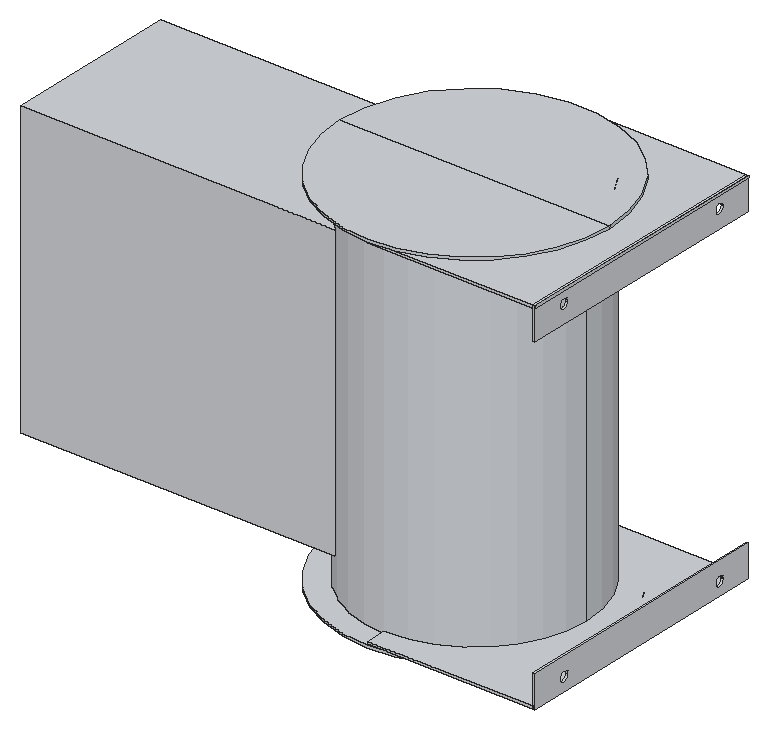
Revit family "VAHB_Vertical_Wall_Mount", category Mechanical Equipment, Revit 2019
Family settings
  Round Connector Dimension = Use Radius
  Part Type = Normal
  Work Plane-Based = No
  Always vertical = Yes
  Cut with Voids When Loaded = No
  Shared = No
  Room Calculation Point = No
Parameters (values of type "12_VAHB_VER_WALL")
  Unit Weight [instance] = ""
  P/2 = P / 2  # 0' - 0 9/32"
  P = 0' - 0 9/16"  # constant formula
  N = 0' - 5 5/16"
  ModelID [instance] = ""
  M/2 = M / 2  # 0' - 7 9/32"
  M = 1' - 2 9/16"
  L-.125" = L - 0' 0 1/8"  # 0' - 9"
  J+J = J + J  # 0' - 1 3/4"
  J = 0' - 0 7/8"
  K/2 = K / 2  # 0' - 9 1/8"
  K = 1' - 6 1/4"
  L-(C/2) = L - (C / 2)  # 0' - 2 7/16"
  L = 0' - 9 1/8"
  H-(A/2) = H - (A / 2)  # 1' - 3"
  H+L = H + L  # 2' - 6 1/8"
  H = 1' - 9"
  Sones [instance] = ""
  Motor RPM [instance] = ""
  Motor Enclosure [instance] = ""
  LwA [instance] = ""
  G = 6' - 0"
  Fan RPM [instance] = ""
  F/2 = F / 2  # 0' - 0 5/32"
  F = 0' - 0 5/16"
  E/2 = E / 2  # 0' - 10"
  E-2" = E - 0' 2"  # 1' - 6"
  E = 1' - 8"
  C/2+L = C / 2 + L  # 1' - 3 13/16"
  C/2 = C / 2  # 0' - 6 11/16"
  C = 1' - 1 3/8"
  B/2 = B / 2  # 0' - 7 3/8"
  B = 1' - 2 3/4"
  Accessories [instance] = ""
  A/3 = A / 2.5  # 0' - 4.8"
  A/2 = A / 2  # 0' - 6"
  A = 1' - 0"
  60 = 60.00°  # constant formula
  30 = 30.00°  # constant formula
  3" = 0' - 3"  # constant formula
  Brake Hp [instance] = ""
  4" = 0' - 4"  # constant formula
  2' = 2' - 0"
  2" = 0' - 2"  # constant formula
  1" = 0' - 1"  # constant formula
  0 = 0' - 0"  # constant formula
  Voltage [instance] = 0 V
  URL = "www.lorencook.com"
  Type Comments = "Fixed Pitch Vane Axial Vertical Wall Mount Belt Drive Arrangement 9"  # constant formula
  Static Pressure [instance] = 0.00 in-wg
  Power [instance] = Voltage * Motor FLA * sqrt(if(Phase = 3, 3, 1))  # 0 VA
  Phase [instance] = 0
  Number of Poles [instance] = 1
  Motor Hp [instance] = "0"
  Motor FLA [instance] = 0 A
  Model = "VAHB"  # constant formula
  Manufacturer = "Loren Cook Company"
  CFM [instance] = 0 CFM
  1.5 = 0' - 1 1/2"  # constant formula
  ONE EIGTH = 0' - 0 1/8"  # constant formula
  -E/2 = -E / 2  # -0' - 10"
  -(E/2)+2" = -(E / 2) + 0' 2"  # -0' - 8"
  -(E-.25")/2 = -(E - 0' 0 1/4") / 2  # -0' - 9 7/8"
  (H-(A/2))/2 = (H - (A / 2)) / 2  # 0' - 7 1/2"
  (E/2)-2" = (E / 2) - 0' 2"  # 0' - 8"
  (E-.25")/2 = (E - 0' 0 1/4") / 2  # 0' - 9 7/8"
  (A+.25")/2 = (A + 0' 0 1/4") / 2  # 0' - 6 1/8"
Types (12): name | N | M/2 | M | L-.125" | J+J | J | K/2 | K | L-(C/2) | L | H-(A/2) | H+L | H | G | F/2 | F | E/2 | E-2" | E | C/2+L | C/2 | C | B/2 | B | A/3 | A/2 | A | -E/2 | -(E/2)+2" | -(E-.25")/2 | (H-(A/2))/2 | (E/2)-2" | (E-.25")/2 | (A+.25")/2
  (no name) | 0' - 5 5/16" | 0' - 7 9/32" | 1' - 2 9/16" | 0' - 9" | 0' - 1 3/4" | 0' - 0 7/8" | 0' - 9 1/8" | 1' - 6 1/4" | 0' - 2 7/16" | 0' - 9 1/8" | 1' - 3" | 2' - 6 1/8" | 1' - 9" | 6' - 0" | 0' - 0 5/32" | 0' - 0 5/16" | 0' - 10" | 1' - 6" | 1' - 8" | 1' - 3 13/16" | 0' - 6 11/16" | 1' - 1 3/8" | 0' - 7 3/8" | 1' - 2 3/4" | 0' - 4.8" | 0' - 6" | 1' - 0" | -0' - 10" | -0' - 8" | -0' - 9 7/8" | 0' - 7 1/2" | 0' - 8" | 0' - 9 7/8" | 0' - 6 1/8"
  12_VAHB_VER_WALL | 0' - 5 5/16" | 0' - 7 9/32" | 1' - 2 9/16" | 0' - 9" | 0' - 1 3/4" | 0' - 0 7/8" | 0' - 9 1/8" | 1' - 6 1/4" | 0' - 2 7/16" | 0' - 9 1/8" | 1' - 3" | 2' - 6 1/8" | 1' - 9" | 6' - 0" | 0' - 0 5/32" | 0' - 0 5/16" | 0' - 10" | 1' - 6" | 1' - 8" | 1' - 3 13/16" | 0' - 6 11/16" | 1' - 1 3/8" | 0' - 7 3/8" | 1' - 2 3/4" | 0' - 4.8" | 0' - 6" | 1' - 0" | -0' - 10" | -0' - 8" | -0' - 9 7/8" | 0' - 7 1/2" | 0' - 8" | 0' - 9 7/8" | 0' - 6 1/8"
  14_VAHB_VER_WALL | 0' - 6 5/16" | 0' - 8 9/32" | 1' - 4 9/16" | 0' - 10" | 0' - 1 3/4" | 0' - 0 7/8" | 0' - 10 5/8" | 1' - 9 1/4" | 0' - 2 3/8" | 0' - 10 1/8" | 1' - 5" | 2' - 10 1/8" | 2' - 0" | 6' - 0" | 0' - 0 5/32" | 0' - 0 5/16" | 0' - 11 1/2" | 1' - 9" | 1' - 11" | 1' - 5 7/8" | 0' - 7 3/4" | 1' - 3 1/2" | 0' - 8 3/8" | 1' - 4 3/4" | 0' - 5.6" | 0' - 7" | 1' - 2" | -0' - 11 1/2" | -0' - 9 1/2" | -0' - 11 3/8" | 0' - 8 1/2" | 0' - 9 1/2" | 0' - 11 3/8" | 0' - 7 1/8"
  18_VAHB_VER_WALL | 0' - 8 1/2" | 0' - 10 1/2" | 1' - 9" | 1' - 0 5/16" | 0' - 1 3/4" | 0' - 0 7/8" | 1' - 1 5/8" | 2' - 3 1/4" | 0' - 2 9/16" | 1' - 0 7/16" | 1' - 6 1/4" | 3' - 3 11/16" | 2' - 3 1/4" | 12' - 0" | 0' - 0 7/32" | 0' - 0 7/16" | 1' - 2 1/2" | 2' - 3" | 2' - 5" | 1' - 10 5/16" | 0' - 9 7/8" | 1' - 7 3/4" | 0' - 10 5/8" | 1' - 9 1/4" | 0' - 7.2" | 0' - 9" | 1' - 6" | -1' - 2 1/2" | -1' - 0 1/2" | -1' - 2 3/8" | 0' - 9 1/8" | 1' - 0 1/2" | 1' - 2 3/8" | 0' - 9 1/8"
  21_VAHB_VER_WALL | 0' - 10" | 1' - 0" | 2' - 0" | 1' - 1 13/16" | 0' - 1 3/4" | 0' - 0 7/8" | 1' - 2 5/8" | 2' - 5 1/4" | 0' - 2 9/16" | 1' - 1 15/16" | 1' - 9" | 3' - 9 7/16" | 2' - 7 1/2" | 12' - 0" | 0' - 0 7/32" | 0' - 0 7/16" | 1' - 3 1/2" | 2' - 5" | 2' - 7" | 2' - 1 5/16" | 0' - 11 3/8" | 1' - 10 3/4" | 1' - 0 1/8" | 2' - 0 1/4" | 0' - 8.4" | 0' - 10 1/2" | 1' - 9" | -1' - 3 1/2" | -1' - 1 1/2" | -1' - 3 3/8" | 0' - 10 1/2" | 1' - 1 1/2" | 1' - 3 3/8" | 0' - 10 5/8"
  26_VAHB_VER_WALL | 1' - 0 13/16" | 1' - 2 25/32" | 2' - 5 9/16" | 1' - 4 9/16" | 0' - 1 7/8" | 0' - 0 15/16" | 1' - 3 1/16" | 2' - 6 1/8" | 0' - 2 11/16" | 1' - 4 11/16" | 1' - 9 1/2" | 4' - 3 3/16" | 2' - 10 1/2" | 12' - 0" | 0' - 0 7/32" | 0' - 0 7/16" | 1' - 4" | 2' - 6" | 2' - 8" | 2' - 6 11/16" | 1' - 2" | 2' - 4" | 1' - 3 5/32" | 2' - 6 5/16" | 0' - 10.4" | 1' - 1" | 2' - 2" | -1' - 4" | -1' - 2" | -1' - 3 7/8" | 0' - 10 3/4" | 1' - 2" | 1' - 3 7/8" | 1' - 1 1/8"
  29_VAHB_VER_WALL | 1' - 2 5/16" | 1' - 4 5/16" | 2' - 8 5/8" | 1' - 6 1/8" | 0' - 1 7/8" | 0' - 0 15/16" | 1' - 5 1/16" | 2' - 10 1/8" | 0' - 2 3/4" | 1' - 6 1/4" | 2' - 2" | 4' - 10 3/4" | 3' - 4 1/2" | 12' - 0" | 0' - 0 7/32" | 0' - 0 7/16" | 1' - 6" | 2' - 10" | 3' - 0" | 2' - 9 3/4" | 1' - 3 1/2" | 2' - 7" | 1' - 4 21/32" | 2' - 9 5/16" | 0' - 11.6" | 1' - 2 1/2" | 2' - 5" | -1' - 6" | -1' - 4" | -1' - 5 7/8" | 1' - 1" | 1' - 4" | 1' - 5 7/8" | 1' - 2 5/8"
  36_VAHB_VER_WALL | 1' - 6 5/16" | 1' - 8 5/16" | 3' - 4 5/8" | 1' - 10 1/8" | 0' - 1 7/8" | 0' - 0 15/16" | 1' - 8 1/16" | 3' - 4 1/8" | 0' - 3 1/4" | 1' - 10 1/4" | 2' - 3 1/2" | 5' - 7 3/4" | 3' - 9 1/2" | 16' - 0" | 0' - 0 9/32" | 0' - 0 9/16" | 1' - 9" | 3' - 4" | 3' - 6" | 3' - 5 1/4" | 1' - 7" | 3' - 2" | 1' - 8 5/32" | 3' - 4 5/16" | 1' - 2.4" | 1' - 6" | 3' - 0" | -1' - 9" | -1' - 7" | -1' - 8 7/8" | 1' - 1 3/4" | 1' - 7" | 1' - 8 7/8" | 1' - 6 1/8"
  42_VAHB_VER_WALL | 1' - 9 3/8" | 2' - 0 3/8" | 4' - 0 3/4" | 2' - 1 1/16" | 0' - 1 7/8" | 0' - 0 15/16" | 2' - 0 1/16" | 4' - 0 1/8" | 0' - 3" | 2' - 1 3/16" | 2' - 5 1/2" | 6' - 3 11/16" | 4' - 2 1/2" | 16' - 0" | 0' - 0 9/32" | 0' - 0 9/16" | 2' - 1" | 4' - 0" | 4' - 2" | 3' - 11 3/8" | 1' - 10 3/16" | 3' - 8 3/8" | 1' - 10 21/32" | 3' - 9 5/16" | 1' - 4.8" | 1' - 9" | 3' - 6" | -2' - 1" | -1' - 11" | -2' - 0 7/8" | 1' - 2 3/4" | 1' - 11" | 2' - 0 7/8" | 1' - 9 1/8"
  48_VAHB_VER_WALL | 2' - 0 3/8" | 2' - 2 3/8" | 4' - 4 3/4" | 2' - 4 1/8" | 0' - 1 7/8" | 0' - 0 15/16" | 2' - 3 1/16" | 4' - 6 1/8" | 0' - 3" | 2' - 4 1/4" | 2' - 6" | 6' - 10 1/4" | 4' - 6" | 16' - 0" | 0' - 0 9/32" | 0' - 0 9/16" | 2' - 4" | 4' - 6" | 4' - 8" | 4' - 5 1/2" | 2' - 1 1/4" | 4' - 2 1/2" | 2' - 2 19/32" | 4' - 5 3/16" | 1' - 7.2" | 2' - 0" | 4' - 0" | -2' - 4" | -2' - 2" | -2' - 3 7/8" | 1' - 3" | 2' - 2" | 2' - 3 7/8" | 2' - 0 1/8"
  54_VAHB_VER_WALL | 2' - 3 1/2" | 2' - 5 1/2" | 4' - 11" | 2' - 7 1/8" | 0' - 2" | 0' - 1" | 2' - 6" | 5' - 0" | 0' - 3" | 2' - 7 1/4" | 2' - 8 1/2" | 7' - 6 3/4" | 4' - 11 1/2" | 16' - 0" | 0' - 0 9/32" | 0' - 0 9/16" | 2' - 7" | 5' - 0" | 5' - 2" | 4' - 11 1/2" | 2' - 4 1/4" | 4' - 8 1/2" | 2' - 5 23/32" | 4' - 11 7/16" | 1' - 9.6" | 2' - 3" | 4' - 6" | -2' - 7" | -2' - 5" | -2' - 6 7/8" | 1' - 4 1/4" | 2' - 5" | 2' - 6 7/8" | 2' - 3 1/8"
  60_VAHB_VER_WALL | 2' - 7" | 2' - 9" | 5' - 6" | 2' - 11 1/8" | 0' - 2" | 0' - 1" | 2' - 9 1/2" | 5' - 7" | 0' - 3 5/8" | 2' - 11 1/4" | 2' - 11" | 8' - 4 1/4" | 5' - 5" | 16' - 0" | 0' - 0 9/32" | 0' - 0 9/16" | 2' - 10 1/2" | 5' - 7" | 5' - 9" | 5' - 6 7/8" | 2' - 7 5/8" | 5' - 3 1/4" | 2' - 8 23/32" | 5' - 5 7/16" | 2' - 0" | 2' - 6" | 5' - 0" | -2' - 10 1/2" | -2' - 8 1/2" | -2' - 10 3/8" | 1' - 5 1/2" | 2' - 8 1/2" | 2' - 10 3/8" | 2' - 6 1/8"
Reference planes (in)
  plane 1 "Center (Front/Back)": y = 0
  plane 2: z = 0
  plane 3 "Center (Left/Right)": x = 0.40541
Forms (in)
  Revolve 1, solid
    sketch origin (0, 0, 0) x (1, 0, 0) y (0, 0, 1)
      loop
        line (0.40541, 10) -> (0.40541, -10) -> (7.78041, -10) -> (7.78041, -9.875) -> (6.53041, -9.875) -> (6.53041, 9.875) -> (7.78041, 9.875) -> (7.78041, 10) -> (0.40541, 10)
      axis (0.40541, -10) -> (0.40541, 10)
    angle from 0 to 360
  Extrusion 2, solid
    sketch origin (0, 0, 0) x (1, 0, 0) y (0, 1, 0)
      loop
        line (-3.39927, 4.8) -> (-20.59459, 4.8) -> (-20.59459, -4.8) -> (-3.39927, -4.8)
        arc (-3.39927, -4.8) -> (-5.71959, 0) -> (-3.39927, 4.8) r 6.125
    from 8 <- "(E/2)-2"" to -8 <- "-(E/2)+2""
  Extrusion 3, solid
    sketch origin (0.40541, 0, 0) x (0, 1, 0) y (0, 0, 1)
      loop
        line (-7.28125, 9.875) -> (-7.28125, 8.125) -> (7.28125, 8.125) -> (7.28125, 9.875) -> (-7.28125, 9.875)
      loop
        line (7.28125, -8.125) -> (-7.28125, -8.125) -> (-7.28125, -9.875) -> (7.28125, -9.875) -> (7.28125, -8.125)
      loop
        circle (5.3125, 9.125) r 0.28125
      loop
        circle (-5.3125, 9.125) r 0.28125
      loop
        circle (-5.3125, -9.125) r 0.28125
      loop
        circle (5.3125, -9.125) r 0.28125
    from 9 <- "L-.125"" to 9.125 <- "L"
  Extrusion 4, solid
    sketch origin (0.40541, -7.28125, -9.875) x (1, 0, 0) y (0, -1, 0)
      loop
        line (0, -13.40625) -> (0, -14.5625) -> (9, -14.5625) -> (9, 0) -> (0, 0) -> (0, -1.15625)
        arc (0, -1.15625) -> (6.125, -7.28125) -> (0, -13.40625) r 6.125
    from 0 to -0.125
  Extrusion 5, solid
    sketch origin (0.40541, -7.28125, 9.875) x (0, 1, 0) y (-1, 0, 0)
      loop
        arc (13.40625, 0) -> (7.28125, -6.125) -> (1.15625, 0) r 6.125
        line (1.15625, 0) -> (0, 0) -> (0, -9.125) -> (14.5625, -9.125) -> (14.5625, 0) -> (13.40625, 0)
    from 0 to -0.125
Dimensions and locks (in)
  "0": Revolve 1 sketch curve to plane 3 "Center (Left/Right)"  (x2)
  "E/2": Revolve 1 sketch curve to level
  "E/2": level to Revolve 1 sketch curve
  "ONE EIGTH": Revolve 1 sketch curve to Revolve 1 sketch curve  (x2)
  "B/2": Revolve 1 sketch curve to Revolve 1 sketch curve  (x2)
  "(A+.25")/2": Revolve 1 sketch curve to Revolve 1 sketch curve
  "0": Extrusion 2 sketch curve to plane 3 "Center (Left/Right)"
  "0": Extrusion 2 sketch curve to plane 1 "Center (Front/Back)"
  "A/3": Extrusion 2 sketch curve to plane 1 "Center (Front/Back)"
  "H": Extrusion 2 sketch curve to plane 3 "Center (Left/Right)"
  "A/3": Extrusion 2 sketch curve to Revolve 1
  "J+J": Extrusion 3 sketch curve to Extrusion 3 sketch curve  (x2)
  "0": Revolve 1 to Extrusion 3 sketch curve
  "0": Extrusion 3 sketch curve to Revolve 1
  "M/2": plane 1 "Center (Front/Back)" to Extrusion 3 sketch curve  (x2)
  "M/2": Extrusion 3 sketch curve to plane 1 "Center (Front/Back)"  (x2)
  "N": plane 1 "Center (Front/Back)" to Extrusion 3 sketch curve  (x4)
  "K/2": Extrusion 3 sketch curve to level  (x4)
  "0": Extrusion 4 sketch curve to plane 3 "Center (Left/Right)"
  "0": Extrusion 4 sketch curve to plane 1 "Center (Front/Back)"
  "0": plane 3 "Center (Left/Right)" to Extrusion 4 sketch curve  (x2)
  "0": Extrusion 3 to Extrusion 4 sketch curve  (x2)
  "0": Extrusion 4 sketch curve to Extrusion 3
  "0": Extrusion 5 sketch curve to plane 3 "Center (Left/Right)"  (x3)
  "0": Extrusion 4 to Extrusion 5 sketch curve
  "0": Extrusion 5 sketch curve to Extrusion 4
  "0": Extrusion 5 sketch curve to Extrusion 3
  "0": Extrusion 5 sketch curve to plane 1 "Center (Front/Back)"
  "(A+.25")/2": radius of Extrusion 2 sketch curve
  "P/2": radius of Extrusion 3 sketch curve  (x4)
  "(A+.25")/2": radius of Extrusion 4 sketch curve
  "(A+.25")/2": radius of Extrusion 5 sketch curve
Automatic sketch dimensions
  Revolve 1 sketch curve to Revolve 1 sketch curve = 0' - 0"
  Revolve 1 sketch curve to Revolve 1 sketch curve = 1' - 6"
  Extrusion 2 sketch curve to Extrusion 2 sketch curve = 0' - 0"
Connectors (in)
  hvac at (0.40541, 0, 10), driven by "A/2"
    settings: on Revolve 1, index 1, duct flow 0 CFM, flow factor 0, pres drop 0.00 in-wg, loss coef 0, conn angle 0.00°, conn width 12", conn height 12", conn diameter 12", duct sys type 29, conn prof type 0, flow config 0, flow direction 2, loss method 0, conn ref index -1, conn util no, is conn primary yes, conn desc ""
  hvac at (0.40541, 0, -9.875), driven by "A/2"
    settings: on Revolve 1, index 2, duct flow 0 CFM, flow factor 0, pres drop 0.00 in-wg, loss coef 0, conn angle 0.00°, conn width 12", conn height 12", conn diameter 12", duct sys type 29, conn prof type 0, flow config 0, flow direction 1, loss method 0, conn ref index -1, conn util no, is conn primary no, conn desc ""
  electrical at (-11.99693, -4.8, 0)
    settings: on Extrusion 2, index 3, voltage 0 V, apparent load 0 VA, apparent load phase1 0 VA, apparent load phase2 0 VA, apparent load phase3 0 VA, power factor 1, load classification "Other", number of poles 1, system type 30, power factor state 1, is connector primary yes, connector utility no, sub classification motor no, connector description ""
